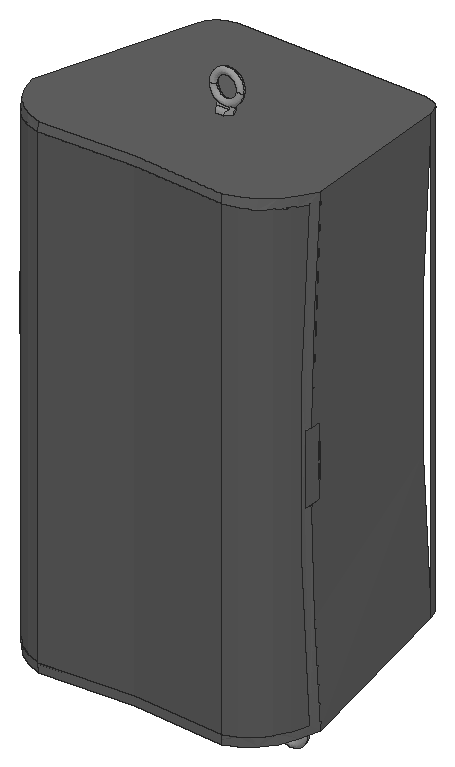
Revit family "AD-S112s - M10 Eye Bolts", category Communication Devices, Revit 2014
Parameters
  Width = 354.0 mm
  Weight Dimensional (lb) = 43.1
  Weight Dimensional (kg) = 19.6
  URL = "http://www.qsc.com/products/Loudspeakers/AcousticDesign_Surface_Mount_(New_Models)/AD-S112SW/"
  Sensitivity = 90
  SPL Max = 126
  Rotation Axis Distance = 3351.0 mm
  Regulatory Compliance = "IP54"
  Product Page URL = "http://www.qsc.com/products/Loudspeakers/AcousticDesign_Surface_Mount_(New_Models)/AD-S112SW/"
  Weight Product (kg) = 13.2
  Weight Product (lb) = 29
  Product Documentation Link = "http://qsc.com/files/3814/0362/8026/AD-S112sw_Specification_Sheet_English.pdf"
  Power Handling = 300
  Model = "AD-S112s"
  Mid Depth = 310.5 mm
  Manufacturer URL = "www.qscaudio.com"
  Manufacturer = "QSC Audio Products, LLC"
  Impedance = 8
  Height [instance] = 595.869 mm
  Grille Finish = Black Grille
  Eye Bolt Material [instance] = Default
  Enclosure Finish = Black Finish
  Description = "12\" Small Format Surface Mount Subwoofer"
  Depth [instance] = 322.965 mm
  Coverage Vertical = 75.00°
  Coverage Horizontal = 75.00°
Reference planes
  plane 1 "Center (Front/Back) (Grille Extent)": y = 0
  plane 2: z = 0
  plane 3 "Center (Left/Right)": x = 0
  plane 4 "Rotation Axis Plane": y = 3351
  plane 5: x = -177
  plane 6: x = 177
  plane 7: x = 106.71
  plane 8: x = -106.71
  plane 9: y = 71.2
  plane 10: x = -142.835
  plane 11: x = 142.835
  plane 12: y = 283.17
  plane 13: x = -112.545
  plane 14: x = 112.545
  plane 15: y = 5.4
  plane 16 "Back Plane": y = 322.965
  plane 17: y = 310.5
  plane 18: y = 77.988
  plane 19: x = -173.25
  plane 20: x = 173.25
  plane 21: z = 140
  plane 22: z = 100
  plane 23: x = -40
  plane 24: x = 40
  plane 25 "Top Plane": z = 300.533
  plane 26 "Bottom Plane": z = -295.335
  plane 27: x = 106.71
  plane 28: x = -106.71
  plane 29: y = 71.2
  plane 30: x = -142.835
  plane 31: x = 142.835
  plane 32: y = 283.17
  plane 33: x = -112.545
  plane 34: x = 112.545
  plane 35: y = 5.4
  plane 36: y = 310.5
  plane 37: y = 77.988
  plane 38: x = -173.25
  plane 39: x = 173.25
Forms (mm)
  Revolve 1, solid, material "Black Finish" <- "Enclosure Finish"
    sketch origin (0, 0, 0) x (1, 0, 0) y (0, 1, 0)
      loop
        spline (-106.71, 310.5) -> (-111.828, 310.31) -> (-116.563, 309.741) -> (-120.915, 308.792) -> (-124.884, 307.463) -> (-128.469, 305.755) -> (-131.671, 303.667) -> (-134.49, 301.2) -> (-136.925, 298.353) -> (-138.978, 295.127) -> (-140.647, 291.521) -> (-141.933, 287.535) -> (-142.835, 283.17)
        line (-142.835, 283.17) -> (-177, 71.2)
        spline (-177, 71.2) -> (-173.811, 61.268) -> (-170.225, 52.062) -> (-166.243, 43.584) -> (-161.863, 35.833) -> (-157.087, 28.809) -> (-151.915, 22.512) -> (-146.345, 16.942) -> (-140.378, 12.099) -> (-134.015, 7.984) -> (-127.255, 4.595) -> (-120.099, 1.934) -> (-112.545, 0)
        spline (-112.545, 0) -> (-93.804, 1.932) -> (-75.061, 3.512) -> (-56.314, 4.742) -> (-37.564, 5.62) -> (-18.812, 6.147) -> (-0.056, 6.322) -> (18.703, 6.147) -> (37.466, 5.62) -> (56.231, 4.742) -> (74.999, 3.512) -> (93.771, 1.932) -> (112.545, 0)
        spline (112.545, 0) -> (120.099, 1.934) -> (127.255, 4.595) -> (134.015, 7.984) -> (140.378, 12.099) -> (146.345, 16.942) -> (151.915, 22.512) -> (157.087, 28.809) -> (161.863, 35.833) -> (166.243, 43.584) -> (170.225, 52.062) -> (173.811, 61.268) -> (177, 71.2)
        line (177, 71.2) -> (142.835, 283.17)
        spline (142.835, 283.17) -> (141.933, 287.535) -> (140.647, 291.521) -> (138.978, 295.127) -> (136.925, 298.353) -> (134.49, 301.2) -> (131.671, 303.667) -> (128.469, 305.755) -> (124.884, 307.463) -> (120.915, 308.792) -> (116.563, 309.741) -> (111.828, 310.31) -> (106.71, 310.5)
        line (106.71, 310.5) -> (-106.71, 310.5)
      axis (-177, 3351) -> (177, 3351)
    angle from -5.19 to 5.19
  Revolve 2, void
    sketch origin (0, 0, 0) x (1, 0, 0) y (0, 1, 0)
      loop
        line (-173.25, 77.988) -> (-173.25, 0) -> (173.25, 0) -> (173.25, 77.988) -> (-173.25, 77.988)
      axis (-173.25, 3351) -> (173.25, 3351)
    angle from -5 to 5
  Extrusion 3, void
    sketch origin (0, 322.965, 0) x (-1, 0, 0) y (0, 0, -1)
      loop
        line (-40, -140) -> (40, -140) -> (40, -100) -> (-40, -100) -> (-40, -140)
    from 0 to 15
  Revolve 4, solid, material "Black Grille" <- "Grille Finish"
    sketch origin (0, 0, 0) x (1, 0, 0) y (0, 1, 0)
      loop
        spline (-112.545, 0) -> (-93.804, 1.932) -> (-75.061, 3.512) -> (-56.314, 4.742) -> (-37.564, 5.62) -> (-18.812, 6.147) -> (-0.056, 6.322) -> (18.703, 6.147) -> (37.466, 5.62) -> (56.231, 4.742) -> (74.999, 3.512) -> (93.771, 1.932) -> (112.545, 0)
        spline (112.545, 0) -> (119.689, 2.124) -> (126.453, 4.767) -> (132.839, 7.928) -> (138.845, 11.607) -> (144.472, 15.805) -> (149.721, 20.522) -> (154.59, 25.757) -> (159.08, 31.51) -> (163.191, 37.782) -> (166.923, 44.572) -> (170.276, 51.88) -> (173.25, 59.708)
        line (173.25, 59.708) -> (-173.25, 59.708)
        spline (-173.25, 59.708) -> (-170.276, 51.88) -> (-166.923, 44.572) -> (-163.191, 37.782) -> (-159.08, 31.51) -> (-154.59, 25.757) -> (-149.721, 20.522) -> (-144.472, 15.805) -> (-138.845, 11.607) -> (-132.839, 7.928) -> (-126.453, 4.767) -> (-119.689, 2.124) -> (-112.545, 0)
      axis (-173.25, 3351) -> (173.25, 3351)
    angle from -5.009 to 5.009
  Revolve 5, void
    sketch origin (0, 0, 0) x (1, 0, 0) y (0, 1, 0)
      loop
        line (-183.297, 101.259) -> (-183.297, 26.259) -> (-174.737, 26.259) -> (-174.737, 101.259) -> (-183.297, 101.259)
      loop
        line (183.297, 101.259) -> (174.737, 101.259) -> (174.737, 26.259) -> (183.297, 26.259) -> (183.297, 101.259)
      axis (-183.297, 3351) -> (183.297, 3351)
    angle from -0.75 to 0.75
Cuts and joins
  Revolve 2, Extrusion 3, Revolve 5 cuts Revolve 1
Lines and regions (mm)
  model lines, detail levels fine
    curve 1: line (4.373, 59.67, 298.955) -> (-1.703, 67.642, 298.231)
    curve 2: line (-1.703, 67.642, 298.231) -> (4.373, 59.67, 298.955)
    curve 3: line (-23.732, 60.665, 298.865) -> (-21.437, 68.889, 298.118)
    curve 4: line (-21.437, 68.889, 298.118) -> (-23.732, 60.665, 298.865)
    curve 5: line (-19.898, 55.22, 299.359) -> (-21.611, 70.439, 297.977)
    curve 6: line (-21.611, 70.439, 297.977) -> (-19.898, 55.22, 299.359)
    curve 7: line (12.509, 65.868, 298.392) -> (17.927, 61.904, 298.752)
    curve 8: line (17.927, 61.904, 298.752) -> (12.509, 65.868, 298.392)
    curve 17: line (-174.737, 71.259, 5.092) -> (-174.737, 78.678, -0.539)
    curve 18: line (-174.737, 78.678, -0.539) -> (-174.737, 71.259, 5.092)
    curve 19: line (-174.737, 72.185, -20.955) -> (-174.737, 79.838, -18.828)
    curve 20: line (-174.737, 79.838, -18.828) -> (-174.737, 72.185, -20.955)
    curve 21: line (-174.737, 67.118, -17.402) -> (-174.737, 81.281, -18.989)
    curve 22: line (-174.737, 81.281, -18.989) -> (-174.737, 67.118, -17.402)
    curve 23: line (-174.737, 77.027, 12.632) -> (-174.737, 73.338, 17.653)
    curve 24: line (-174.737, 73.338, 17.653) -> (-174.737, 77.027, 12.632)
    curve 33: line (174.737, 70.57, -5.092) -> (174.737, 77.988, 0.539)
    curve 34: line (174.737, 77.988, 0.539) -> (174.737, 70.57, -5.092)
    curve 35: line (174.737, 71.496, 20.955) -> (174.737, 79.149, 18.828)
    curve 36: line (174.737, 79.149, 18.828) -> (174.737, 71.496, 20.955)
    curve 37: line (174.737, 66.429, 17.402) -> (174.737, 80.591, 18.989)
    curve 38: line (174.737, 80.591, 18.989) -> (174.737, 66.429, 17.402)
    curve 39: line (174.737, 76.337, -12.632) -> (174.737, 72.648, -17.653)
    curve 40: line (174.737, 72.648, -17.653) -> (174.737, 76.337, -12.632)
    curve 41: line (-4.373, 59.67, -298.955) -> (1.703, 67.642, -298.231)
    curve 42: line (1.703, 67.642, -298.231) -> (-4.373, 59.67, -298.955)
    curve 43: line (23.732, 60.665, -298.865) -> (21.437, 68.889, -298.118)
    curve 44: line (21.437, 68.889, -298.118) -> (23.732, 60.665, -298.865)
    curve 45: line (19.898, 55.22, -299.359) -> (21.611, 70.439, -297.977)
    curve 46: line (21.611, 70.439, -297.977) -> (19.898, 55.22, -299.359)
    curve 47: line (-12.509, 65.868, -298.392) -> (-17.927, 61.904, -298.752)
    curve 48: line (-17.927, 61.904, -298.752) -> (-12.509, 65.868, -298.392)
  model lines, not visible, detail levels fine
    curve 9: line (-17.401, 29.808, 0.794) -> (-23.477, 37.813, 0.794)
    curve 10: line (-23.477, 37.813, 0.794) -> (-17.401, 29.808, 0.794)
    curve 11: line (-45.506, 30.808, 0.794) -> (-43.21, 39.066, 0.794)
    curve 12: line (-43.21, 39.066, 0.794) -> (-45.506, 30.808, 0.794)
    curve 13: line (-41.671, 25.34, 0.794) -> (-43.385, 40.622, 0.794)
    curve 14: line (-43.385, 40.622, 0.794) -> (-41.671, 25.34, 0.794)
    curve 15: line (-9.265, 36.032, 0.794) -> (-3.847, 32.051, 0.794)
    curve 16: line (-3.847, 32.051, 0.794) -> (-9.265, 36.032, 0.794)
    curve 25: line (16.721, -59.866, 26.087) -> (11.09, -52.447, 26.087)
    curve 26: line (11.09, -52.447, 26.087) -> (16.721, -59.866, 26.087)
    curve 27: line (-9.326, -58.94, 26.087) -> (-7.199, -51.287, 26.087)
    curve 28: line (-7.199, -51.287, 26.087) -> (-9.326, -58.94, 26.087)
    curve 29: line (-5.773, -64.007, 26.087) -> (-7.36, -49.845, 26.087)
    curve 30: line (-7.36, -49.845, 26.087) -> (-5.773, -64.007, 26.087)
    curve 31: line (24.261, -54.099, 26.087) -> (29.282, -57.788, 26.087)
    curve 32: line (29.282, -57.788, 26.087) -> (24.261, -54.099, 26.087)
  model lines, not visible, detail levels medium+fine
    curve 49: circle (0, 191.054, 0) r 16.5 normal (0, 0, 1)
  model lines, detail levels medium+fine
    curve 50: circle (0, 160.69, 289.78) r 16.5 normal (0, 0.0905, 0.9959)
    curve 51: circle (0, 160.69, -289.78) r 16.5 normal (0, -0.0905, 0.9959)
Dimensions and locks
  "Rotation Axis Distance": plane 4 "Rotation Axis Plane" to plane 1 "Center (Front/Back) (Grille Extent)"
  equal spacing: plane 5, plane 3 "Center (Left/Right)", plane 6
  "Width": plane 5 to plane 6
  equal spacing: plane 8, plane 3 "Center (Left/Right)", plane 7
  plane 8 to plane 7 = 213.42 mm
  plane 10 to plane 11 = 285.67 mm
  equal spacing: plane 10, plane 3 "Center (Left/Right)", plane 11
  equal spacing: plane 13, plane 3 "Center (Left/Right)", plane 14
  plane 13 to plane 14 = 225.09 mm
  plane 15 to plane 1 "Center (Front/Back) (Grille Extent)" = 5.4 mm
  "Depth": plane 16 "Back Plane" to plane 1 "Center (Front/Back) (Grille Extent)"
  "Mid Depth": plane 17 to plane 1 "Center (Front/Back) (Grille Extent)"
  equal spacing: plane 19, plane 3 "Center (Left/Right)", plane 20
  plane 19 to plane 20 = 346.5 mm
  plane 21 to plane 22 = 40.0 mm
  equal spacing: plane 23, plane 3 "Center (Left/Right)", plane 24
  plane 23 to plane 24 = 80.0 mm
  "Height": plane 25 "Top Plane" to plane 26 "Bottom Plane"
  plane 9 to plane 1 "Center (Front/Back) (Grille Extent)" = 71.2 mm
  plane 10 to plane 3 "Center (Left/Right)" = 142.835 mm
  plane 17 to plane 12 = 27.33 mm
  plane 13 to plane 3 "Center (Left/Right)" = 112.545 mm
  plane 8 to plane 3 "Center (Left/Right)" = 106.71 mm
  plane 28 to plane 27 = 213.42 mm  (x2)
  plane 30 to plane 31 = 285.67 mm  (x2)
  plane 33 to plane 34 = 225.09 mm  (x2)
  plane 36 to plane 32 = 27.33 mm
  plane 38 to plane 39 = 346.5 mm
  curve 50 to plane 16 "Back Plane" = 145.843 mm
  plane 26 "Bottom Plane" to plane 22 = 395.335 mm
  aligned and locked: plane 2 to level
  aligned and locked: Revolve 1 sketch curve to plane 17
  aligned and locked: Revolve 2 sketch curve to plane 4 "Rotation Axis Plane"
  aligned and locked: Revolve 2 sketch curve to plane 18
  aligned and locked: Revolve 2 sketch curve to plane 19
  aligned and locked: Revolve 2 sketch curve to plane 1 "Center (Front/Back) (Grille Extent)"
  aligned and locked: Revolve 2 sketch curve to plane 20
  aligned and locked: plane 21 to Extrusion 3 sketch curve
  aligned and locked: plane 24 to Extrusion 3 sketch curve
  aligned and locked: Extrusion 3 sketch curve to plane 22
  aligned and locked: Extrusion 3 sketch curve to plane 23
  aligned and locked: plane 12 to Revolve 1 sketch curve
  aligned and locked: plane 10 to Revolve 1 sketch curve
  aligned and locked: plane 16 "Back Plane" to cut or joined group of Revolve 1, Revolve 2, Extrusion 3, Revolve 5
  aligned and locked: curve 6 to cut or joined group of Revolve 1, Revolve 2, Extrusion 3, Revolve 5
  aligned and locked: curve 50 to cut or joined group of Revolve 1, Revolve 2, Extrusion 3, Revolve 5
  aligned and locked: Revolve 5 sketch curve to plane 4 "Rotation Axis Plane"
Automatic sketch dimensions
  Revolve 1 sketch curve to plane 5 = 0.0 mm  (x2)
  Revolve 1 sketch curve to plane 4 "Rotation Axis Plane" = 0.0 mm
  plane 1 "Center (Front/Back) (Grille Extent)" to Revolve 1 sketch curve = 0.0 mm
  Revolve 1 sketch curve to plane 13 = 0.0 mm
  Revolve 1 sketch curve to plane 8 = 0.0 mm
  Revolve 1 sketch curve to plane 7 = 0.0 mm
  Revolve 1 sketch curve to plane 14 = 0.0 mm
  Revolve 1 sketch curve to plane 11 = 0.0 mm
  Revolve 1 sketch curve to plane 6 = 0.0 mm  (x2)
  Revolve 1 sketch curve to plane 9 = 0.0 mm  (x2)
  Revolve 1 sketch curve to plane 12 = 0.0 mm
  Revolve 2 sketch curve to plane 3 "Center (Left/Right)" = 0.0 mm
  Revolve 2 sketch curve to plane 6 = 0.0 mm
  Revolve 4 sketch curve to plane 4 "Rotation Axis Plane" = 0.0 mm
  Revolve 4 sketch curve to plane 5 = 0.0 mm
  Revolve 4 sketch curve to plane 38 = 0.0 mm
  plane 1 "Center (Front/Back) (Grille Extent)" to Revolve 4 sketch curve = 0.0 mm
  Revolve 4 sketch curve to plane 33 = 0.0 mm
  Revolve 4 sketch curve to plane 34 = 0.0 mm
  Revolve 4 sketch curve to plane 39 = 0.0 mm
  Revolve 4 sketch curve to plane 6 = 0.0 mm
  Revolve 4 sketch curve to plane 29 = 11.492 mm
  curve 3 to curve 4 = 0.0 mm  (x2)
  curve 4 to curve 5 = 2.121 mm
  curve 6 to curve 5 = 0.0 mm  (x3)
  curve 6 to curve 3 = 0.174 mm
  curve 4 to curve 3 = 0.0 mm
  curve 3 to curve 5 = 3.834 mm
  curve 3 to curve 2 = 19.734 mm
  curve 1 to curve 2 = 0.0 mm
  curve 2 to curve 1 = 6.076 mm
  curve 2 to curve 1 = 0.0 mm  (x3)
  curve 1 to curve 8 = 8.136 mm
  curve 7 to curve 8 = 0.0 mm  (x2)
  curve 7 to curve 8 = 5.418 mm
  curve 5 to curve 6 = 0.0 mm
  curve 6 to curve 1 = 4.468 mm
  curve 5 to curve 4 = 5.468 mm
  curve 1 to curve 7 = 2.243 mm
  curve 8 to curve 7 = 0.0 mm  (x2)
  curve 8 to curve 7 = 3.981 mm
  curve 1 to curve 1 = 8.005 mm
  curve 4 to curve 4 = 8.258 mm
  curve 11 to curve 12 = 0.0 mm  (x2)
  curve 12 to curve 13 = 2.121 mm
  curve 14 to curve 13 = 0.0 mm  (x3)
  curve 14 to curve 11 = 0.174 mm
  curve 12 to curve 11 = 0.0 mm
  curve 11 to curve 13 = 3.834 mm
  curve 11 to curve 10 = 19.734 mm
  curve 9 to curve 10 = 0.0 mm
  curve 10 to curve 9 = 6.076 mm
  curve 10 to curve 9 = 0.0 mm  (x3)
  curve 9 to curve 16 = 8.136 mm
  curve 15 to curve 16 = 0.0 mm  (x2)
  curve 15 to curve 16 = 5.418 mm
  curve 13 to curve 14 = 0.0 mm
  curve 14 to curve 9 = 4.468 mm
  curve 13 to curve 12 = 5.468 mm
  curve 9 to curve 15 = 2.243 mm
  curve 16 to curve 15 = 0.0 mm  (x2)
  curve 16 to curve 15 = 3.981 mm
  curve 9 to curve 9 = 8.005 mm
  curve 12 to curve 12 = 8.258 mm
  curve 19 to curve 20 = 0.0 mm  (x2)
  curve 20 to curve 21 = 1.966 mm
  curve 22 to curve 21 = 0.0 mm  (x3)
  curve 21 to curve 19 = 0.162 mm
  curve 20 to curve 19 = 0.0 mm
  curve 19 to curve 21 = 3.554 mm
  curve 19 to curve 18 = 18.288 mm
  curve 17 to curve 18 = 0.0 mm
  curve 17 to curve 17 = 5.631 mm
  curve 18 to curve 17 = 0.0 mm  (x3)
  curve 18 to curve 24 = 7.54 mm
  curve 23 to curve 24 = 0.0 mm  (x2)
  curve 23 to curve 24 = 5.021 mm
  curve 21 to curve 22 = 0.0 mm
  curve 22 to curve 17 = 4.141 mm
  curve 22 to curve 20 = 5.067 mm
  curve 18 to curve 23 = 2.079 mm
  curve 24 to curve 23 = 0.0 mm  (x2)
  curve 24 to curve 23 = 3.689 mm
  curve 18 to curve 17 = 7.419 mm
  curve 20 to curve 20 = 7.653 mm
  curve 27 to curve 28 = 0.0 mm  (x2)
  curve 28 to curve 29 = 1.966 mm
  curve 30 to curve 29 = 0.0 mm  (x3)
  curve 29 to curve 27 = 0.162 mm
  curve 28 to curve 27 = 0.0 mm
  curve 27 to curve 29 = 3.554 mm
  curve 27 to curve 26 = 18.288 mm
  curve 25 to curve 26 = 0.0 mm
  curve 25 to curve 25 = 5.631 mm
  curve 26 to curve 25 = 0.0 mm  (x3)
  curve 26 to curve 32 = 7.54 mm
  curve 31 to curve 32 = 0.0 mm  (x2)
  curve 31 to curve 32 = 5.021 mm
  curve 29 to curve 30 = 0.0 mm
  curve 30 to curve 25 = 4.141 mm
  curve 30 to curve 28 = 5.067 mm
  curve 26 to curve 31 = 2.079 mm
  curve 32 to curve 31 = 0.0 mm  (x2)
  curve 32 to curve 31 = 3.689 mm
  curve 26 to curve 25 = 7.419 mm
  curve 28 to curve 28 = 7.653 mm
  curve 35 to curve 36 = 0.0 mm  (x2)
  curve 36 to curve 37 = 1.966 mm
  curve 38 to curve 37 = 0.0 mm  (x3)
  curve 37 to curve 35 = 0.162 mm
  curve 36 to curve 35 = 0.0 mm
  curve 35 to curve 37 = 3.554 mm
  curve 35 to curve 34 = 18.288 mm
  curve 33 to curve 34 = 0.0 mm
  curve 33 to curve 33 = 5.631 mm
  curve 34 to curve 33 = 0.0 mm  (x3)
  curve 34 to curve 40 = 7.54 mm
  curve 39 to curve 40 = 0.0 mm  (x2)
  curve 39 to curve 40 = 5.021 mm
  curve 37 to curve 38 = 0.0 mm
  curve 38 to curve 33 = 4.141 mm
  curve 38 to curve 36 = 5.067 mm
  curve 34 to curve 39 = 2.079 mm
  curve 40 to curve 39 = 0.0 mm  (x2)
  curve 40 to curve 39 = 3.689 mm
  curve 34 to curve 33 = 7.419 mm
  curve 36 to curve 36 = 7.653 mm
  curve 43 to curve 44 = 0.0 mm  (x2)
  curve 44 to curve 45 = 2.121 mm
  curve 46 to curve 45 = 0.0 mm  (x3)
  curve 46 to curve 43 = 0.174 mm
  curve 44 to curve 43 = 0.0 mm
  curve 43 to curve 45 = 3.834 mm
  curve 43 to curve 42 = 19.734 mm
  curve 41 to curve 42 = 0.0 mm
  curve 42 to curve 41 = 6.076 mm
  curve 42 to curve 41 = 0.0 mm  (x3)
  curve 41 to curve 48 = 8.136 mm
  curve 47 to curve 48 = 0.0 mm  (x2)
  curve 47 to curve 48 = 5.418 mm
  curve 45 to curve 46 = 0.0 mm
  curve 46 to curve 41 = 4.468 mm
  curve 45 to curve 44 = 5.468 mm
  curve 41 to curve 47 = 2.243 mm
  curve 48 to curve 47 = 0.0 mm  (x2)
  curve 48 to curve 47 = 3.981 mm
  curve 41 to curve 41 = 8.005 mm
  curve 44 to curve 44 = 8.258 mm
  Revolve 5 sketch curve to plane 5 = 6.297 mm
  plane 5 to Revolve 5 sketch curve = 2.263 mm
  plane 6 to Revolve 5 sketch curve = 2.263 mm
  Revolve 5 sketch curve to plane 6 = 6.297 mm
  Revolve 5 sketch curve to plane 1 "Center (Front/Back) (Grille Extent)" = 101.259 mm  (x2)
  Revolve 5 sketch curve to plane 1 "Center (Front/Back) (Grille Extent)" = 26.259 mm  (x2)
  Revolve 5 sketch curve to plane 5 = 765.037 mm
  Revolve 5 sketch curve to plane 6 = 908.511 mm
Nested families
  nested 1: "M10 Eye Bolt" at (0, 159.985, 289.844) x (1, 0, 0) z (0, 0.0905, 0.9959), Eye Bolt Material <- "Eye Bolt Material", type "M10 Eye Bolt"
    with Eye Bolt Material Default
  nested 2: "M10 Eye Bolt" at (0, 160.965, -289.755) x (1, 0, 0) z (0, 0.0905, -0.9959), Eye Bolt Material <- "Eye Bolt Material", type "M10 Eye Bolt"
    with Eye Bolt Material Default
  nested 3: "M10 Eye Bolt" at (-124.5, 102.965, -295.023) x (1, 0, 0) z (0, 0.0905, -0.9959), Eye Bolt Material <- "Eye Bolt Material", type "M10 Eye Bolt"
    with Eye Bolt Material Default
  nested 4: "M10 Eye Bolt" at (124.5, 102.965, -295.023) x (1, 0, 0) z (0, 0.0905, -0.9959), Eye Bolt Material <- "Eye Bolt Material", type "M10 Eye Bolt"
    with Eye Bolt Material Default
Connectors
  electrical at (0, 307.965, 120)
    settings: on cut or joined group of Revolve 1, Revolve 2, Extrusion 3, Revolve 5, index 1, voltage 0 V, apparent load 0 VA, apparent load phase1 0 VA, apparent load phase2 0 VA, apparent load phase3 0 VA, power factor 1, load classification "Other", number of poles 1, system type 14, power factor state 1, is connector primary yes, connector utility no, sub classification motor no, connector description "Speaker Input"
  electrical at (0, 307.965, 120)
    settings: on cut or joined group of Revolve 1, Revolve 2, Extrusion 3, Revolve 5, index 2, voltage 0 V, apparent load 0 VA, apparent load phase1 0 VA, apparent load phase2 0 VA, apparent load phase3 0 VA, power factor 1, load classification "Other", number of poles 1, system type 14, power factor state 1, is connector primary no, connector utility no, sub classification motor no, connector description "Parallel Output"
Definition of nested family "M10 Eye Bolt"
  Parameters (values of type "M10 Eye Bolt")
    Radius = Depth / 2  # 3.969 mm
    Outter Diameter = 41.077 mm
    Inner Diameter = 25.4 mm
    Eye Bolt Material [instance] = Default
    Depth = 7.938 mm
    Default Elevation = 1219.2 mm
    Base Depth = 17.5 mm
  Reference planes
    plane 1 "Center (Front/Back)": y = 0
    plane 2: z = 0
    plane 3 "Center (Left/Right)": x = 0
    plane 4 "Plane at Center": z = 26.5
    plane 5 "Inner Left": x = -12.7
    plane 6 "Inner Right": x = 12.7
    plane 7: x = -20.538
    plane 8: x = 20.538
    plane 9: y = 3.969
    plane 10: y = -3.969
    plane 11: y = 8.75
    plane 12: y = -8.75
  Forms (mm)
    Extrusion 1, solid
      sketch origin (0, 0, 0) x (1, 0, 0) y (0, 1, 0)
        loop
          line (-1219.2, 1219.2) -> (-1219.2, -1219.2) -> (1219.2, -1219.2) -> (1219.2, 1219.2) -> (-1219.2, 1219.2)
      from 0 to -304.8
    Revolve 2, solid, material "Default" <- "Eye Bolt Material"
      sketch origin (0, 0, 26.5) x (-1, 0, 0) y (0, -1, 0)
        loop
          circle (-16.619, -0.05) r 3.969
        axis (0, -0.05) -> (0, 0.95)
      angle from 0 to 360
    Extrusion 3, solid, material "Default" <- "Eye Bolt Material"
      sketch origin (-12.7, 0, 0) x (0, 0, 1) y (0, -1, 0)
        loop
          spline (0, -8.75) -> (1.63, -8.656) -> (2.802, -8.396) -> (3.59, -8.003) -> (4.071, -7.51) -> (4.32, -6.951) -> (4.412, -6.359) -> (4.422, -5.767) -> (4.428, -5.208) -> (4.502, -4.715) -> (4.722, -4.322) -> (5.163, -4.062) -> (5.9, -3.968)
          arc (5.9, -3.968) -> (9.87, 0.002) -> (5.9, 3.971) r 3.97
          spline (5.9, 3.971) -> (5.225, 4.065) -> (4.813, 4.325) -> (4.594, 4.718) -> (4.5, 5.211) -> (4.462, 5.77) -> (4.412, 6.362) -> (4.28, 6.954) -> (3.999, 7.513) -> (3.499, 8.006) -> (2.711, 8.399) -> (1.568, 8.659) -> (0, 8.753)
          line (0, 8.753) -> (0, -8.75)
      from 0 to 25.4 <- "Inner Diameter"
    Extrusion 4, void
      sketch origin (0, 0, 0) x (1, 0, 0) y (0, 1, 0)
        loop
          line (5.054, -8.753) -> (12.7, -8.753) -> (12.7, 8.75) -> (5.054, 8.753) -> (10.107, 0) -> (5.054, -8.753)
        loop
          line (-5.054, 8.753) -> (-12.7, 8.75) -> (-12.7, -8.753) -> (-5.054, -8.753) -> (-10.107, 0) -> (-5.054, 8.753)
      from 0 to 25.4
  Cuts and joins
    Extrusion 4 cuts Extrusion 3
    joined: Revolve 2, Extrusion 3
  Dimensions and locks
    equal spacing: plane 6 "Inner Right", plane 3 "Center (Left/Right)", plane 5 "Inner Left"
    "Inner Diameter": plane 6 "Inner Right" to plane 5 "Inner Left"
    equal spacing: plane 8, plane 3 "Center (Left/Right)", plane 7
    "Outter Diameter": plane 8 to plane 7
    equal spacing: plane 9, plane 1 "Center (Front/Back)", plane 10
    "Depth": plane 9 to plane 10
    plane 4 "Plane at Center" to level = 26.5 mm
    equal spacing: plane 11, plane 1 "Center (Front/Back)", plane 12
    "Base Depth": plane 11 to plane 12
    "Radius": radius of Revolve 2 sketch curve
    aligned and locked: plane 2 to Extrusion 1
    aligned and locked: level to Extrusion 1
    aligned and locked: Revolve 2 sketch curve to plane 3 "Center (Left/Right)"
  Automatic sketch dimensions
    Extrusion 1 sketch curve to Extrusion 1 sketch curve = 2438.4 mm  (x2)
    Revolve 2 sketch curve to plane 1 "Center (Front/Back)" = 0.05 mm
    plane 6 "Inner Right" to Revolve 2 sketch curve = 3.919 mm
    Revolve 2 sketch curve to plane 9 = 14.097 mm
    Revolve 2 sketch curve to plane 10 = 27.104 mm
    Extrusion 4 sketch curve to plane 5 "Inner Left" = 0.0 mm
    plane 1 "Center (Front/Back)" to Extrusion 4 sketch curve = 0.0 mm  (x2)
    Extrusion 4 sketch curve to plane 12 = 0.0 mm
    Extrusion 4 sketch curve to plane 6 "Inner Right" = 0.0 mm
    plane 11 to Extrusion 4 sketch curve = 0.0 mm  (x2)
    plane 5 "Inner Left" to Extrusion 4 sketch curve = 2.593 mm
    Extrusion 4 sketch curve to plane 3 "Center (Left/Right)" = 5.055 mm
    Extrusion 4 sketch curve to plane 12 = 0.003 mm  (x3)
    plane 3 "Center (Left/Right)" to Extrusion 4 sketch curve = 5.054 mm  (x2)
    Extrusion 4 sketch curve to plane 11 = 0.003 mm  (x2)
    Extrusion 4 sketch curve to plane 6 "Inner Right" = 2.593 mm
    Extrusion 4 sketch curve to plane 3 "Center (Left/Right)" = 5.054 mm
    Extrusion 3 sketch curve to level = 0.0 mm
    Extrusion 3 sketch curve to plane 11 = 0.0 mm
    Extrusion 3 sketch curve to plane 10 = 0.002 mm
    level to Extrusion 3 sketch curve = 5.9 mm
    plane 9 to Extrusion 3 sketch curve = 0.001 mm
    Extrusion 3 sketch curve to plane 12 = 0.003 mm
